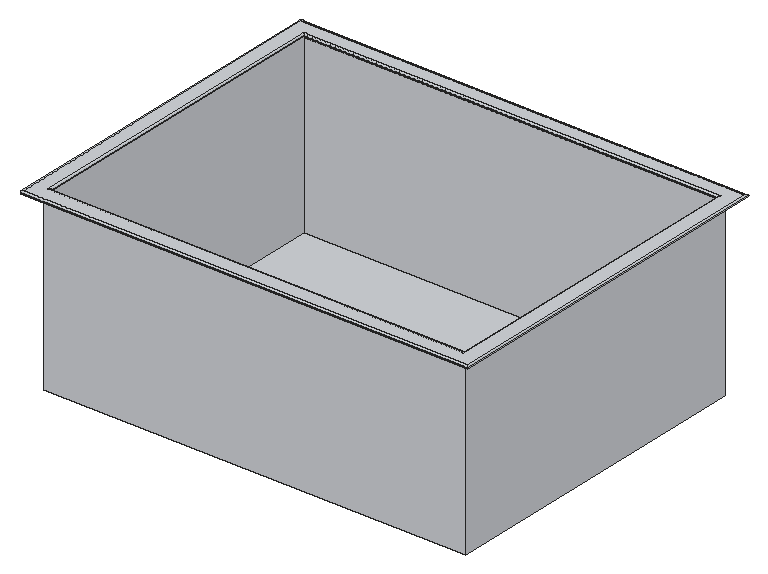
Revit family "Sink-Undermount-Kitchen-STERLING-Ludington-K-32029_1", category Plumbing Fixtures, host Face, Revit 2022
Family settings
  Host = Face
  Round Connector Dimension = Use Diameter
  Part Type = Normal
  OmniClass Number = 23.31.13.00
  OmniClass Title = Sinks
  Cut with Voids When Loaded = No
  Maintain Annotation Orientation = No
  Shared = No
  Room Calculation Point = No
Parameters (values of type "NA-Stainless")
  Width = 17.99213"  # constant formula
  WaterSense Certified = 1 = 0  # no
  Waste Water Outlet = "Waste Water Outlet"  # constant formula
  Waste Connection = 1 = 1  # yes
  Vent Connection = 1 = 0  # no
  URL = "https://www.sterlingplumbing.com/\r\nhttps://www.sterlingplumbing.com/"
  Type = 1
  Product Page URL = "http://www.sterlingplumbing.com/detail?productNumber=32029"
  Product Name = "Ludington"  # constant formula
  Product Documentation Link = "https://resources.kohler.com/plumbing/sterling/pdf/32029_spec_US-CA_Sterling_en.pdf"
  Model = "32029-NA"  # constant formula
  Material = "Stainless Steel"  # constant formula
  Master Format 2014 Name = "Residential Lavatories and Sinks"  # constant formula
  Master Format 2014 = "22 41 16"  # constant formula
  Manufacturer Address = "444 Highland Dr, Kohler, WI 53044"  # constant formula
  Manufacturer = "Sterling Co."  # constant formula
  Length = 22.99213"  # constant formula
  Hot Water Inlet = "Hot Water Inlet"  # constant formula
  Height = 9.37008"  # constant formula
  HW Connection = 1 = 0  # no
  Finish = Sterling-Metal-NA-Stainless
  Environmental Product Declaration = ""
  Drain Included = 1 = 0  # no
  Description = "23X18X9"  # constant formula
  Default Elevation = 36"
  Declare Label = ""
  Date Modified = "06/27/2022"  # constant formula
  Date Created = "06/27/2022"  # constant formula
  Copyright = "Copyright Sterling Co."  # constant formula
  Contact Us = "https://www.sterlingplumbing.com/contact-us"
  Cold Water Inlet = "Cold Water Inlet"  # constant formula
  CW Connection = 1 = 0  # no
  Assembly Code = "D2010400"
  ADA Compliant = 1 = 0  # no
Reference planes (in)
  plane 1 "Center (Front/Back)": y = 0
  plane 2: z = 0
  plane 3 "Center (Left/Right)": x = 0
  plane 4: x = -11.5
  plane 5: x = 11.49213
  plane 6: y = 9
  plane 7: y = -8.99213
  plane 8: x = -10.62598
  plane 9: x = 10.62598
  plane 10: y = 8.12598
  plane 11: y = -8.12598
  plane 12: x = -1.8622
  plane 13: x = 1.8622
  plane 14: z = -1
  plane 15: z = -13.04301
  plane 16: z = -10.37008
  plane 17: z = -1.29134
Forms (in)
  Extrusion 1, void
    sketch origin (0, 0, 0) x (1, 0, 0) y (0, 1, 0)
      loop
        line (-10.62598, 8.12598) -> (-10.62598, -8.12598) -> (10.62598, -8.12598) -> (10.62598, 8.12598) -> (-10.62598, 8.12598)
    from -1.29134 to 3.76584
  Extrusion 2, void
    sketch origin (0, 0, 0) x (1, 0, 0) y (0, 1, 0)
      loop
        line (-11.5, -8.99213) -> (11.49213, -8.99213) -> (11.49213, 9) -> (-11.5, 9) -> (-11.5, -8.99213)
    from -1 to -13.04301
Dimensions and locks (in)
  locked: level to plane 14 at 1
  "Height": plane 14 to plane 16
  locked: plane 14 to plane 15 at 12.04301
  "Length": plane 4 to plane 5
  "Width": plane 6 to plane 7
  aligned and locked: plane 2 to host face
  aligned and locked: level to host face
  aligned and locked: plane 15 to Extrusion 2
  aligned and locked: plane 3 "Center (Left/Right)" to nested 1
  aligned and locked: plane 1 "Center (Front/Back)" to nested 1
  aligned and locked: plane 14 to nested 1
Automatic sketch dimensions
  host sketch curve to host sketch curve = 96"  (x2)
  Extrusion 1 sketch curve to plane 8 = 0"
  Extrusion 1 sketch curve to plane 9 = 0"
  plane 11 to Extrusion 1 sketch curve = 0"
  plane 10 to Extrusion 1 sketch curve = 0"
  Extrusion 2 sketch curve to plane 4 = 0"
  Extrusion 2 sketch curve to plane 5 = 0"
  Extrusion 2 sketch curve to plane 6 = 0"
  Extrusion 2 sketch curve to plane 7 = 0"
Nested families (in)
  nested 1: "32029" at (0, 0, -13.03937), type "32029"
Connectors (in)
  piping at (0, 0, -13.03937), diameter 1.25197, driven by "Waste Connection", driven by "Waste Water Outlet"
    settings: on nested 1, index 1, connector inside diameter 24", connector length 0", flow factor 0, pipe flow 0 GPM, pressure drop 0.00 psi, fitting loss kfactor 0, connector angle 0.00°, fixture units 0, engagement length 0", angle of deflection 0.00°, flow configuration 0, flow direction 2, fitting loss method 0, system type 16, joint type 0, gender type 0, connector reference index -1, connector utility 1, adjustable connector no, is connector primary yes, connector description "Waste Water Outlet"
Definition of nested family "32029"
  Parameters (values of type "32029")
    Material = none
    Default Elevation = 0"
  Reference planes (in)
    plane 1 "Center (Front/Back)": y = 0
    plane 2: z = 0
    plane 3 "Center (Left/Right)": x = 0
    plane 4 "1": z = 2.66142
    plane 5: y = 9
    plane 6: y = -9
    plane 7: x = -11.5
    plane 8: x = 11.5
    plane 9: x = -10.62598
    plane 10: y = 8.12598
    plane 11: y = -8.12598
    plane 12: x = 10.62598
    plane 13 "2": z = 12.03937
    plane 14: z = 11.74803
    plane 15: x = 1.8622
    plane 16: x = -1.8622
    plane 17: y = 1.8622
    plane 18: y = -1.8622
  Forms (in)
    Revolve 1, solid, material <- "Material", detail levels medium+fine
      sketch origin (0, 0, 0) x (1, 0, 0) y (0, 0, 1)
        loop
          line (1.8622, 2.66142) -> (2.21621, 2.77644)
          arc (2.21621, 2.77644) -> (2.26483, 2.79603) -> (2.3103, 2.8221) r 0.38108
          line (2.3103, 2.8221) -> (2.3103, 2.90347) -> (2.25247, 2.90347)
          arc (2.25247, 2.90347) -> (2.22529, 2.90133) -> (2.19878, 2.89497) r 0.17374
          line (2.19878, 2.89497) -> (1.79944, 2.76521)
          arc (1.79944, 2.76521) -> (1.75939, 2.73612) -> (1.74409, 2.68904) r 0.08009
          line (1.74409, 2.68904) -> (1.74409, 1.81205) -> (0, 1.81205) -> (0, 1.67222) -> (1.74409, 1.67222) -> (1.74409, 1.57165)
          arc (1.74409, 1.57165) -> (1.73892, 1.54839) -> (1.72438, 1.5295) r 0.05492
          arc (1.72438, 1.5295) -> (1.55348, 1.46255) -> (1.37849, 1.40716) r 2.74579
          arc (1.37849, 1.40716) -> (1.11599, 1.22853) -> (1.01477, 0.92758) r 0.49804
          line (1.01477, 0.92758) -> (1.01477, 0.66179) -> (1.08586, 0.44009) -> (1.07166, 0.1692) -> (1.02057, 0.11811) -> (0.85088, 0.11811) -> (0.85088, 0.2966) -> (0.66676, 0.2966) -> (0.5663, 0.2966) -> (0.5663, 0.19248) -> (0.66676, 0.19248) -> (0.66676, 0) -> (1.02057, 0)
          arc (1.02057, 0) -> (1.11457, 0.03894) -> (1.15351, 0.13294) r 0.13294
          line (1.15351, 0.13294) -> (1.15351, 0.17058) -> (1.19, 0.17058) -> (1.2038, 0.43391) -> (1.16912, 0.43391) -> (1.16912, 0.49058) -> (1.1005, 0.49058)
          arc (1.1005, 0.49058) -> (1.11779, 0.50439) -> (1.10919, 0.52478) r 0.01833
          line (1.10919, 0.52478) -> (1.06968, 0.54759) -> (1.1139, 0.57312)
          arc (1.1139, 0.57312) -> (1.12154, 0.58634) -> (1.1139, 0.59956) r 0.01527
          line (1.1139, 0.59956) -> (1.0695, 0.62519) -> (1.13288, 0.66179) -> (1.13288, 0.92758)
          arc (1.13288, 0.92758) -> (1.21009, 1.15716) -> (1.41034, 1.29343) r 0.37993
          arc (1.41034, 1.29343) -> (1.59875, 1.35329) -> (1.78259, 1.426) r 2.8639
          arc (1.78259, 1.426) -> (1.841, 1.48866) -> (1.8622, 1.57165) r 0.17303
          line (1.8622, 1.57165) -> (1.8622, 2.66142)
        axis (0, 2.90347) -> (0, 0)
      angle from 0 to 360
    Extrusion 2, solid, material <- "Material", detail levels medium+fine
      sketch origin (0, 0, 0) x (1, 0, 0) y (0, 1, 0)
        loop
          line (0.61524, 0.11085) -> (0.41838, 0.11085)
          arc (0.41838, 0.11085) -> (0.36124, 0.12974) -> (0.32662, 0.17897) r 0.09587
          arc (0.32662, 0.17897) -> (0.27686, 0.26461) -> (0.19397, 0.3188) r 0.21471
          arc (0.19397, 0.3188) -> (0.1342, 0.36184) -> (0.10613, 0.42994) r 0.13426
          line (0.10613, 0.42994) -> (0.10613, 0.58948)
          arc (0.10613, 0.58948) -> (0.11478, 0.64241) -> (0.13984, 0.68983) r 0.16618
          arc (0.13984, 0.68983) -> (0, 0.70388) -> (-0.13984, 0.68983) r 0.703
          arc (-0.13984, 0.68983) -> (-0.11478, 0.64241) -> (-0.10613, 0.58948) r 0.16618
          line (-0.10613, 0.58948) -> (-0.10613, 0.42994)
          arc (-0.10613, 0.42994) -> (-0.1342, 0.36184) -> (-0.19397, 0.3188) r 0.13426
          arc (-0.19397, 0.3188) -> (-0.27686, 0.26461) -> (-0.32662, 0.17897) r 0.21471
          arc (-0.32662, 0.17897) -> (-0.36124, 0.12974) -> (-0.41838, 0.11085) r 0.09587
          line (-0.41838, 0.11085) -> (-0.61524, 0.11085)
          arc (-0.61524, 0.11085) -> (-0.6556, 0.12017) -> (-0.68781, 0.14623) r 0.09212
          arc (-0.68781, 0.14623) -> (-0.703, 0.00088) -> (-0.68781, -0.14448) r 0.703
          arc (-0.68781, -0.14448) -> (-0.6556, -0.11842) -> (-0.61524, -0.1091) r 0.09212
          line (-0.61524, -0.1091) -> (-0.41838, -0.1091)
          arc (-0.41838, -0.1091) -> (-0.36124, -0.12799) -> (-0.32662, -0.17722) r 0.09587
          arc (-0.32662, -0.17722) -> (-0.27686, -0.26286) -> (-0.19397, -0.31705) r 0.21471
          arc (-0.19397, -0.31705) -> (-0.1342, -0.36009) -> (-0.10613, -0.42819) r 0.13426
          line (-0.10613, -0.42819) -> (-0.10613, -0.58773)
          arc (-0.10613, -0.58773) -> (-0.11478, -0.64066) -> (-0.13984, -0.68808) r 0.16618
          arc (-0.13984, -0.68808) -> (0, -0.70213) -> (0.13984, -0.68808) r 0.703
          arc (0.13984, -0.68808) -> (0.11478, -0.64066) -> (0.10613, -0.58773) r 0.16618
          line (0.10613, -0.58773) -> (0.10613, -0.42819)
          arc (0.10613, -0.42819) -> (0.1342, -0.36009) -> (0.19397, -0.31705) r 0.13426
          arc (0.19397, -0.31705) -> (0.27686, -0.26286) -> (0.32662, -0.17722) r 0.21471
          arc (0.32662, -0.17722) -> (0.36124, -0.12799) -> (0.41838, -0.1091) r 0.09587
          line (0.41838, -0.1091) -> (0.61524, -0.1091)
          arc (0.61524, -0.1091) -> (0.6556, -0.11842) -> (0.68781, -0.14448) r 0.09212
          arc (0.68781, -0.14448) -> (0.703, 0.00088) -> (0.68781, 0.14623) r 0.703
          arc (0.68781, 0.14623) -> (0.6556, 0.12017) -> (0.61524, 0.11085) r 0.09212
        loop
          circle (0, 0.00088) r 0.24224
      from 0.17058 to 0.2966
    Extrusion 3, solid, material <- "Material", detail levels medium+fine
      sketch origin (0, 0, 0) x (1, 0, 0) y (0, 1, 0)
        loop
          line (-10.62598, 8.12598) -> (-10.62598, -8.12598) -> (10.62598, -8.12598) -> (10.62598, 8.12598) -> (-10.62598, 8.12598)
        loop
          line (-10.82283, 8.32283) -> (-10.82283, -8.32283) -> (10.82283, -8.32283) -> (10.82283, 8.32283) -> (-10.82283, 8.32283)
      from 2.90347 to 11.90591
    Extrusion 4, void
      sketch origin (0, 0, 0) x (1, 0, 0) y (0, 1, 0)
        loop
          circle (-0.28505, 1.24976) r 0.095
        loop
          circle (0.00004, 1.28187) r 0.095
        loop
          circle (0.28509, 1.24975) r 0.095
        loop
          circle (0.55584, 1.155) r 0.095
        loop
          circle (0.79872, 1.00238) r 0.095
        loop
          circle (1.00155, 0.79954) r 0.095
        loop
          circle (1.15415, 0.55665) r 0.095
        loop
          circle (1.24889, 0.2859) r 0.095
        loop
          circle (1.281, 0.00085) r 0.095
        loop
          circle (1.24888, -0.28419) r 0.095
        loop
          circle (1.15413, -0.55494) r 0.095
        loop
          circle (1.00152, -0.79783) r 0.095
        loop
          circle (0.79868, -1.00066) r 0.095
        loop
          circle (0.5558, -1.15327) r 0.095
        loop
          circle (0.28505, -1.24801) r 0.095
        loop
          circle (-0.00004, -1.28012) r 0.095
        loop
          circle (-0.28509, -1.248) r 0.095
        loop
          circle (-0.55584, -1.15325) r 0.095
        loop
          circle (-0.79872, -1.00063) r 0.095
        loop
          circle (-1.00155, -0.79779) r 0.095
        loop
          circle (-1.15415, -0.5549) r 0.095
        loop
          circle (-1.24889, -0.28415) r 0.095
        loop
          circle (-1.281, 0.0009) r 0.095
        loop
          circle (-1.24888, 0.28594) r 0.095
        loop
          circle (-1.15413, 0.55669) r 0.095
        loop
          circle (-1.00152, 0.79958) r 0.095
        loop
          circle (-0.79868, 1.00241) r 0.095
        loop
          circle (-0.5558, 1.15502) r 0.095
        loop
          circle (-0.29449, 0.90723) r 0.095
        loop
          circle (0, 0.95388) r 0.095
        loop
          circle (0.29449, 0.90723) r 0.095
        loop
          circle (0.56016, 0.77187) r 0.095
        loop
          circle (-0.56016, 0.77187) r 0.095
        loop
          circle (-0.77099, 0.56103) r 0.095
        loop
          circle (-0.90636, 0.29537) r 0.095
        loop
          circle (-0.953, 0.00088) r 0.095
        loop
          circle (-0.90636, -0.29362) r 0.095
        loop
          circle (-0.77099, -0.55928) r 0.095
        loop
          circle (-0.56016, -0.77012) r 0.095
        loop
          circle (-0.29449, -0.90548) r 0.095
        loop
          circle (0, -0.95212) r 0.095
        loop
          circle (0.29449, -0.90548) r 0.095
        loop
          circle (0.56016, -0.77012) r 0.095
        loop
          circle (0.77099, -0.55928) r 0.095
        loop
          circle (0.90636, -0.29362) r 0.095
        loop
          circle (0.953, 0.00088) r 0.095
        loop
          circle (0.90636, 0.29537) r 0.095
        loop
          circle (0.77099, 0.56103) r 0.095
        loop
          circle (0.3125, 0.54214) r 0.095
        loop
          circle (0.54127, 0.31338) r 0.095
        loop
          circle (0, 0.62588) r 0.095
        loop
          circle (-0.3125, 0.54214) r 0.095
        loop
          circle (-0.54127, 0.31338) r 0.095
        loop
          circle (-0.625, 0.00088) r 0.095
        loop
          circle (-0.54127, -0.31162) r 0.095
        loop
          circle (-0.3125, -0.54039) r 0.095
        loop
          circle (0, -0.62412) r 0.095
        loop
          circle (0.3125, -0.54039) r 0.095
        loop
          circle (0.54127, -0.31162) r 0.095
        loop
          circle (0.625, 0.00088) r 0.095
      from 1.5295 to 2.33966
    Revolve 5, solid, material <- "Material", detail levels medium+fine
      sketch origin (0, 0, 0) x (0, 1, 0) y (0, 0, 1)
        loop
          line (0, 1.80287) -> (0, 3.01626)
          arc (0, 3.01626) -> (-0.13916, 2.99842) -> (-0.27488, 2.96283) r 1.08842
          arc (-0.27488, 2.96283) -> (-0.30947, 2.9144) -> (-0.27397, 2.86663) r 0.05054
          line (-0.27397, 2.86663) -> (-0.14435, 2.86663) -> (-0.14435, 2.66978) -> (-0.1763, 2.66978) -> (-0.1763, 2.21063) -> (-0.23118, 2.21063)
          arc (-0.23118, 2.21063) -> (-0.26031, 2.20159) -> (-0.27922, 2.17766) r 0.05148
          line (-0.27922, 2.17766) -> (-0.27922, 2.02225) -> (-0.2227, 2.02225) -> (-0.2227, 1.95349) -> (-0.15018, 1.95349) -> (-0.15018, 1.81692) -> (0, 1.80287)
        axis (0, 1.80287) -> (0, 3.01626)
      angle from 0 to 360
    Revolve 6, solid, material <- "Material", detail levels medium+fine
      sketch origin (0, 0, 0) x (1, 0, 0) y (0, 0, 1)
        loop
          line (1.78315, 2.61587) -> (1.78315, 2.49087) -> (2.25, 2.49087) -> (2.25, 2.61587) -> (1.78315, 2.61587)
        axis (0, 2.49087) -> (0, 2.61587)
      angle from 0 to 360
    Revolve 7, solid, material <- "Material", detail levels medium+fine
      sketch origin (0, 0, 0) x (1, 0, 0) y (0, 0, 1)
        loop
          line (1.7817, 2.38587) -> (1.7817, 2.26587) -> (2.25, 2.26587) -> (2.25, 2.38587) -> (1.7817, 2.38587)
        axis (0, 2.38587) -> (0, 2.26587)
      angle from 0 to 360
    Revolve 8, solid, material <- "Material", detail levels medium+fine
      sketch origin (0, 0, 0) x (1, 0, 0) y (0, 0, 1)
        loop
          line (1.8622, 2.11828) -> (1.8622, 1.81205) -> (2.29081, 1.81205) -> (2.24927, 2.04767)
          arc (2.24927, 2.04767) -> (2.22004, 2.09829) -> (2.16511, 2.11828) r 0.08545
          line (2.16511, 2.11828) -> (1.8622, 2.11828)
        axis (0, 2.11828) -> (0, 1.81205)
      angle from 0 to 360
    Revolve 9, solid, material <- "Material", detail levels medium+fine
      sketch origin (-0.98679, 1.70078, -0.00004) x (0, -1, 0) y (0, 0, 1)
        loop
          line (0, 1.27214) -> (0.15602, 1.27214)
          arc (0.15602, 1.27214) -> (0.2147, 1.29645) -> (0.23901, 1.35513) r 0.08299
          line (0.23901, 1.35513) -> (0.23901, 1.44089) -> (0.12133, 1.44089) -> (0.12133, 2.16313) -> (0.09401, 2.19045) -> (0, 2.19045) -> (0, 1.81205) -> (0, 1.27214)
        axis (0, 1.27214) -> (0, 2.19045)
      angle from 0 to 360
    Revolve 10, solid, material <- "Material", detail levels medium+fine
      sketch origin (-1.9532, -1.69903, 0.00129) x (1, 0, 0) y (0, 0, 1)
        loop
          line (0.97632, 1.27191) -> (1.13383, 1.27191)
          arc (1.13383, 1.27191) -> (1.19361, 1.29667) -> (1.21837, 1.35645) r 0.08455
          line (1.21837, 1.35645) -> (1.21837, 1.44082) -> (1.09976, 1.44082) -> (1.09976, 2.16311) -> (1.07184, 2.19102) -> (0.97632, 2.19102) -> (0.97632, 1.27191)
        axis (0.97632, 1.27191) -> (0.97632, 2.19102)
      angle from 0 to 360
    Revolve 11, solid, material <- "Material", detail levels medium+fine
      sketch origin (0.97826, -0.00183, -0.00272) x (-1, 0, 0) y (0, 0, 1)
        loop
          line (-0.97632, 1.27197) -> (-0.97632, 2.19099) -> (-1.07225, 2.19099) -> (-1.10007, 2.16316) -> (-1.10007, 1.44092) -> (-1.2188, 1.44092) -> (-1.2188, 1.35857)
          arc (-1.2188, 1.35857) -> (-1.19343, 1.29733) -> (-1.1322, 1.27197) r 0.0866
          line (-1.1322, 1.27197) -> (-0.97632, 1.27197)
        axis (-0.97632, 1.27197) -> (-0.97632, 2.19099)
      angle from 0 to 360
    Extrusion 12, solid, material <- "Material", detail levels medium+fine
      sketch origin (0, 0, 0) x (1, 0, 0) y (0, 1, 0)
        loop
          circle (0, -0.14435) r 0.7874
      from 0.43391 to 0.62519
    Extrusion 13, solid, material <- "Material", detail levels coarse
      sketch origin (0, 0, 0) x (1, 0, 0) y (0, 1, 0)
        loop
          line (-11.5, 9) -> (-11.5, -9) -> (11.5, -9) -> (11.5, 9) -> (-11.5, 9)
        loop
          line (10.62598, -8.12598) -> (10.62598, 8.12598) -> (-10.62598, 8.12598) -> (-10.62598, -8.12598) -> (10.62598, -8.12598)
      from 11.90591 to 12.03937
    Extrusion 14, solid, material <- "Material", detail levels coarse
      sketch origin (0, 0, 0) x (1, 0, 0) y (0, 1, 0)
        loop
          line (10.62598, -8.12598) -> (10.62598, 8.12598) -> (-10.62598, 8.12598) -> (-10.62598, -8.12598) -> (10.62598, -8.12598)
      from 2.90347 to 3.13095
    Extrusion 15, solid, material <- "Material", detail levels coarse
      sketch origin (0, 0, 0) x (1, 0, 0) y (0, 1, 0)
        loop
          line (-10.62598, 8.12598) -> (-10.62598, -8.12598) -> (10.62598, -8.12598) -> (10.62598, 8.12598) -> (-10.62598, 8.12598)
        loop
          line (-10.82283, 8.32283) -> (-10.82283, -8.32283) -> (10.82283, -8.32283) -> (10.82283, 8.32283) -> (-10.82283, 8.32283)
      from 2.90347 to 11.90591
    Sweep 16, solid, material <- "Material", detail levels medium+fine
      path origin (0, 0, 12.03937) x (-1, 0, 0) y (0, -1, 0)
        loop
          line (10.62598, -8.12598) -> (10.62598, 8.12598) -> (-10.62598, 8.12598) -> (-10.62598, -8.12598) -> (10.62598, -8.12598)
      profile origin (0, 8.12598, 12.03937) x (0, 1, 0) y (0, 0, 1)
        loop
          line (0.78756, 0) -> (0.08661, 0)
          arc (0.08661, 0) -> (0.02537, -0.02537) -> (0, -0.08661) r 0.08661
          line (0, -0.08661) -> (0, -0.13346) -> (0.87402, -0.13346) -> (0.87402, -0.08646)
          arc (0.87402, -0.08646) -> (0.84869, -0.02532) -> (0.78756, 0) r 0.08646
    Extrusion 17, solid, material <- "Material", detail levels medium+fine
      sketch origin (0, 0, 2.90347) x (0, 1, 0) y (1, 0, 0)
        loop
          line (8.32283, 10.82283) -> (-8.32283, 10.82283) -> (-8.32283, -10.82283) -> (8.32283, -10.82283) -> (8.32283, 10.82283)
        loop
          circle (0, 0) r 2.3103
      from 0 to 0.08137
    Revolve 18, solid, material <- "Material", detail levels coarse
      sketch origin (0, 0, 0) x (1, 0, 0) y (0, 0, 1)
        loop
          line (0, 2.8169) -> (-1.88475, 2.8169) -> (-1.88475, 1.54583) -> (-1.2038, 0.86488) -> (-1.2038, 0.01095) -> (0, 0.01095) -> (0, 2.8169)
        axis (0, 2.8169) -> (0, 0.01095)
      angle from 0 to 360
  Cuts and joins
    Extrusion 4 cuts Revolve 1
    Extrusion 4 cuts Extrusion 2
    joined: Extrusion 3, Extrusion 17
  Lines and regions (in)
    Masking region 1
      outline origin (0, 0, 0) x (1, 0, 0) y (0, 1, 0)
        loop
          line (11.30315, 9) -> (0, 9) -> (-11.30315, 9)
          arc (-11.30315, 9) -> (-11.44234, 8.94234) -> (-11.5, 8.80315) r 0.19685
          line (-11.5, 8.80315) -> (-11.5, -8.80315)
          arc (-11.5, -8.80315) -> (-11.44234, -8.94234) -> (-11.30315, -9) r 0.19685
          line (-11.30315, -9) -> (0, -9) -> (11.30315, -9)
          arc (11.30315, -9) -> (11.44234, -8.94234) -> (11.5, -8.80315) r 0.19685
          line (11.5, -8.80315) -> (11.5, 8.80315)
          arc (11.5, 8.80315) -> (11.44234, 8.94234) -> (11.30315, 9) r 0.19685
    Masking region 2
      outline origin (0, -1.6923, 0) x (-1, 0, 0) y (0, 0, 1)
        loop
          line (11.5, 12.03937) -> (-0.05512, 12.03937) -> (-11.5, 12.03937) -> (-11.5, 11.74803) -> (-10.62598, 11.74803) -> (-10.62598, 3.11445) -> (-2.3406, 2.86575)
          arc (-2.3406, 2.86575) -> (-2.26872, 2.7992) -> (-2.17737, 2.76382) r 0.26116
          line (-2.17737, 2.76382) -> (-1.78367, 2.76382) -> (-1.78367, 2.61584) -> (-2.25013, 2.61584) -> (-2.25013, 2.49083) -> (-1.78367, 2.49083) -> (-1.78367, 2.38584) -> (-2.24996, 2.38584) -> (-2.24996, 2.26578) -> (-1.78367, 2.26578) -> (-1.78367, 2.19102) -> (-2.04735, 2.19102) -> (-2.07833, 2.16005) -> (-2.07833, 2.11828) -> (-2.16445, 2.11828)
          arc (-2.16445, 2.11828) -> (-2.21988, 2.0981) -> (-2.24938, 2.04701) r 0.08624
          line (-2.24938, 2.04701) -> (-2.29081, 1.81205) -> (-2.05584, 1.81205) -> (-2.05584, 1.43774) -> (-2.19696, 1.43774) -> (-2.19696, 1.35577)
          arc (-2.19696, 1.35577) -> (-2.17243, 1.29655) -> (-2.1132, 1.27201) r 0.08376
          line (-2.1132, 1.27201) -> (-1.79322, 1.27201)
          arc (-1.79322, 1.27201) -> (-1.73422, 1.29645) -> (-1.70978, 1.35546) r 0.08344
          line (-1.70978, 1.35546) -> (-1.70978, 1.395)
          arc (-1.70978, 1.395) -> (-1.60584, 1.35699) -> (-1.50081, 1.32213) r 3.65534
          arc (-1.50081, 1.32213) -> (-1.39715, 1.28356) -> (-1.29797, 1.23462) r 1.08446
          arc (-1.29797, 1.23462) -> (-1.1772, 1.11642) -> (-1.13288, 0.95335) r 0.32217
          line (-1.13288, 0.95335) -> (-1.13288, 0.66179) -> (-1.0695, 0.62519) -> (-1.11286, 0.60016)
          arc (-1.11286, 0.60016) -> (-1.12081, 0.5864) -> (-1.11286, 0.57263) r 0.01589
          line (-1.11286, 0.57263) -> (-1.06947, 0.54759) -> (-1.10905, 0.52473)
          arc (-1.10905, 0.52473) -> (-1.11766, 0.50443) -> (-1.1005, 0.49058) r 0.01831
          line (-1.1005, 0.49058) -> (-1.16912, 0.49058) -> (-1.16912, 0.43391) -> (-1.2038, 0.43391) -> (-1.19, 0.17058) -> (-1.15351, 0.17058)
          arc (-1.15351, 0.17058) -> (-1.12701, 0.05081) -> (-1.01538, 0) r 0.13732
          line (-1.01538, 0) -> (0, 0) -> (1.01538, 0)
          arc (1.01538, 0) -> (1.12701, 0.05081) -> (1.15351, 0.17058) r 0.13732
          line (1.15351, 0.17058) -> (1.19, 0.17058) -> (1.2038, 0.43391) -> (1.16912, 0.43391) -> (1.16912, 0.49058) -> (1.1005, 0.49058)
          arc (1.1005, 0.49058) -> (1.11766, 0.50443) -> (1.10905, 0.52473) r 0.01831
          line (1.10905, 0.52473) -> (1.06947, 0.54759) -> (1.11286, 0.57263)
          arc (1.11286, 0.57263) -> (1.12081, 0.5864) -> (1.11286, 0.60016) r 0.01589
          line (1.11286, 0.60016) -> (1.0695, 0.62519) -> (1.13288, 0.66179) -> (1.13288, 0.95335)
          arc (1.13288, 0.95335) -> (1.1772, 1.11642) -> (1.29797, 1.23462) r 0.32217
          arc (1.29797, 1.23462) -> (1.39715, 1.28356) -> (1.50081, 1.32213) r 1.08446
          arc (1.50081, 1.32213) -> (1.546, 1.3367) -> (1.591, 1.35185) r 3.65534
          arc (1.591, 1.35185) -> (1.73056, 1.456) -> (1.78367, 1.62184) r 0.28552
          line (1.78367, 1.62184) -> (1.78367, 1.81205) -> (2.29081, 1.81205) -> (2.26383, 2.01428)
          arc (2.26383, 2.01428) -> (2.22398, 2.0886) -> (2.14504, 2.11828) r 0.11984
          line (2.14504, 2.11828) -> (1.78367, 2.11828) -> (1.78367, 2.19102) -> (1.78367, 2.26578) -> (2.24996, 2.26578) -> (2.24996, 2.38584) -> (1.78367, 2.38584) -> (1.78367, 2.49083) -> (2.25013, 2.49083) -> (2.25013, 2.61584) -> (1.78367, 2.61584) -> (1.78367, 2.76382) -> (2.17737, 2.76382)
          arc (2.17737, 2.76382) -> (2.26872, 2.7992) -> (2.3406, 2.86575) r 0.26116
          line (2.3406, 2.86575) -> (10.62598, 3.11445) -> (10.62598, 11.74803) -> (11.5, 11.74803) -> (11.5, 12.03937)
    Masking region 3
      outline origin (0.97632, 0, 0) x (0, -1, 0) y (0, 0, 1)
        loop
          line (-9, 12.03937) -> (-9, 11.74803) -> (-8.12598, 11.74803) -> (-8.12598, 3.12064) -> (-2.35144, 2.87734) -> (-2.30596, 2.81239) -> (-2.17737, 2.76382) -> (-1.78367, 2.76382) -> (-1.78367, 2.61588) -> (-2.24964, 2.61588) -> (-2.24964, 2.49072) -> (-1.78381, 2.49072) -> (-1.78381, 2.38587) -> (-2.24964, 2.38587) -> (-2.24964, 2.26585) -> (-1.78381, 2.26585) -> (-1.78381, 2.11828) -> (-2.16737, 2.11828)
          arc (-2.16737, 2.11828) -> (-2.22124, 2.09867) -> (-2.2499, 2.04902) r 0.08381
          line (-2.2499, 2.04902) -> (-2.29176, 1.81161) -> (-1.82687, 1.81161) -> (-1.82687, 1.44089) -> (-1.943, 1.44089) -> (-1.943, 1.35188)
          arc (-1.943, 1.35188) -> (-1.91941, 1.29495) -> (-1.86248, 1.27137) r 0.08052
          line (-1.86248, 1.27137) -> (-1.51854, 1.27137)
          arc (-1.51854, 1.27137) -> (-1.48037, 1.28019) -> (-1.44995, 1.30486) r 0.08698
          arc (-1.44995, 1.30486) -> (-1.35266, 1.26771) -> (-1.26311, 1.21453) r 0.60965
          arc (-1.26311, 1.21453) -> (-1.16735, 1.10358) -> (-1.13288, 0.96112) r 0.31166
          line (-1.13288, 0.96112) -> (-1.13288, 0.66179) -> (-1.0695, 0.62519) -> (-1.11067, 0.60142)
          arc (-1.11067, 0.60142) -> (-1.11938, 0.58634) -> (-1.11067, 0.57125) r 0.01742
          line (-1.11067, 0.57125) -> (-1.06968, 0.54759) -> (-1.10996, 0.52433)
          arc (-1.10996, 0.52433) -> (-1.11833, 0.50379) -> (-1.1005, 0.49058) r 0.01809
          line (-1.1005, 0.49058) -> (-1.16912, 0.49058) -> (-1.16912, 0.43391) -> (-1.2038, 0.43391) -> (-1.19, 0.17058) -> (-1.15351, 0.17058)
          arc (-1.15351, 0.17058) -> (-1.12704, 0.05079) -> (-1.01538, 0) r 0.13727
          line (-1.01538, 0) -> (0, 0) -> (1.01538, 0)
          arc (1.01538, 0) -> (1.12704, 0.05079) -> (1.15351, 0.17058) r 0.13727
          line (1.15351, 0.17058) -> (1.19, 0.17058) -> (1.2038, 0.43391) -> (1.16912, 0.43391) -> (1.16912, 0.49058) -> (1.1005, 0.49058)
          arc (1.1005, 0.49058) -> (1.11833, 0.50379) -> (1.10996, 0.52433) r 0.01809
          line (1.10996, 0.52433) -> (1.06968, 0.54759) -> (1.11067, 0.57125)
          arc (1.11067, 0.57125) -> (1.11938, 0.58634) -> (1.11067, 0.60142) r 0.01742
          line (1.11067, 0.60142) -> (1.0695, 0.62519) -> (1.13288, 0.66179) -> (1.13288, 0.96112)
          arc (1.13288, 0.96112) -> (1.16735, 1.10358) -> (1.26311, 1.21453) r 0.31166
          arc (1.26311, 1.21453) -> (1.35266, 1.26771) -> (1.44995, 1.30486) r 0.60965
          arc (1.44995, 1.30486) -> (1.48037, 1.28019) -> (1.51854, 1.27137) r 0.08698
          line (1.51854, 1.27137) -> (1.83172, 1.27137)
          arc (1.83172, 1.27137) -> (1.88866, 1.29495) -> (1.91224, 1.35188) r 0.08052
          line (1.91224, 1.35188) -> (1.91224, 1.44089) -> (1.82072, 1.44089) -> (1.82072, 1.81161) -> (2.29176, 1.81161) -> (2.2499, 2.04902)
          arc (2.2499, 2.04902) -> (2.22124, 2.09867) -> (2.16737, 2.11828) r 0.08381
          line (2.16737, 2.11828) -> (1.78381, 2.11828) -> (1.78381, 2.26585) -> (2.24964, 2.26585) -> (2.24964, 2.38587) -> (1.78381, 2.38587) -> (1.78381, 2.49072) -> (2.24964, 2.49072) -> (2.24964, 2.61588) -> (1.78367, 2.61588) -> (1.78367, 2.76382) -> (2.17737, 2.76382) -> (2.30596, 2.81239) -> (2.35144, 2.87734) -> (8.12598, 3.12429) -> (8.12598, 11.74803) -> (9, 11.74803) -> (9, 12.03937) -> (-9, 12.03937)
    symbolic lines, detail levels medium+fine
      curve 1: circle (0, 0, 0) r 2.36727 normal (0, 0, 1)
      curve 2: circle (0, 0, 0) r 2.3103 normal (0, 0, 1)
      curve 4: circle (0, 0, 0) r 1.77165 normal (0, 0, 1)
      curve 5: circle (0, 0, 0) r 1.5748 normal (0, 0, 1)
      curve 6: circle (0, 0, 0) r 1.54635 normal (0, 0, 1)
      curve 7: circle (0, 0, 0) r 1.37795 normal (0, 0, 1)
      curve 8: circle (0, 0, 0) r 1.41427 normal (0, 0, 1)
      curve 9: circle (0, 0, 0) r 0.30801 normal (0, 0, 1)
      curve 10: circle (0, 0, 0) r 0.30108 normal (0, 0, 1)
      curve 11: line (-2.35032, -1.6923, 2.86587) -> (2.34472, -1.6923, 2.86588)
      curve 12: line (-1.78367, -1.6923, 2.76382) -> (1.78367, -1.6923, 2.76382)
      curve 13: line (-1.78367, -1.6923, 2.61584) -> (1.78367, -1.6923, 2.61584)
      curve 14: line (-1.78367, -1.6923, 2.49083) -> (1.78367, -1.6923, 2.49083)
      curve 15: line (-1.78367, -1.6923, 2.38584) -> (1.78367, -1.6923, 2.38584)
      curve 16: line (-1.8622, -1.6923, 2.26578) -> (1.8622, -1.6923, 2.26578)
      curve 17: line (-1.85631, -1.6923, 2.19102) -> (1.8622, -1.6923, 2.19102)
      curve 18: line (-2.07527, -1.6923, 1.44082) -> (-1.82839, -1.6923, 1.44082)
      curve 19: line (-1.82839, -1.6923, 1.44082) -> (-1.82839, -1.6923, 1.81205)
      curve 20: line (-1.82839, -1.6923, 2.16311) -> (-1.85631, -1.6923, 2.19102)
      curve 21: line (-0.87086, -1.6923, 2.16313) -> (-0.87086, -1.6923, 2.11828)
      curve 22: line (-0.87086, -1.6923, 1.44043) -> (-0.75368, -1.6923, 1.44043)
      curve 23: line (-0.75368, -1.6923, 1.44043) -> (-0.75368, -1.6923, 1.3531)
      curve 24: line (-0.83502, -1.6923, 1.27177) -> (-0.99218, -1.6923, 1.27177)
      curve 25: arc (-0.75368, -1.6923, 1.3531) -> (-0.77751, -1.6923, 1.29559) -> (-0.83502, -1.6923, 1.27177) r 0.08133
      curve 26: line (-1.11351, -1.6923, 2.16313) -> (-1.11351, -1.6923, 2.11828)
      curve 27: line (-1.11351, -1.6923, 1.44043) -> (-1.23069, -1.6923, 1.44043)
      curve 28: line (-1.23069, -1.6923, 1.44043) -> (-1.23069, -1.6923, 1.3531)
      curve 29: line (-1.14935, -1.6923, 1.27177) -> (-0.99218, -1.6923, 1.27177)
      curve 30: arc (-1.23069, -1.6923, 1.3531) -> (-1.20686, -1.6923, 1.29559) -> (-1.14935, -1.6923, 1.27177) r 0.08133
      curve 31: line (-1.11351, -1.6923, 2.16313) -> (-1.08562, -1.6923, 2.19102)
      curve 32: line (-0.87086, -1.6923, 2.16313) -> (-0.89875, -1.6923, 2.19102)
      curve 33: line (-1.11351, -1.6923, 1.44043) -> (-0.87086, -1.6923, 1.44043)
      curve 34: line (-1.82839, -1.6923, 1.44082) -> (-1.70978, -1.6923, 1.44082)
      curve 35: line (-1.70978, -1.6923, 1.44082) -> (-1.70978, -1.6923, 1.39488)
      curve 36: line (-2.07527, -1.6923, 1.81205) -> (1.8622, -1.6923, 1.81205)
      curve 37: line (-1.13288, -1.6923, 0.66179) -> (1.13288, -1.6923, 0.66179)
      curve 38: line (-1.0695, -1.6923, 0.62519) -> (1.0695, -1.6923, 0.62519)
      curve 39: line (-1.06947, -1.6923, 0.54759) -> (1.06968, -1.6923, 0.54759)
      curve 40: line (-1.1005, -1.6923, 0.49058) -> (1.1005, -1.6923, 0.49058)
      curve 41: line (-1.16912, -1.6923, 0.43391) -> (1.16912, -1.6923, 0.43391)
      curve 42: line (-1.15351, -1.6923, 0.17058) -> (1.15351, -1.6923, 0.17058)
      curve 43: line (-0.87086, -1.6923, 1.81205) -> (-0.87086, -1.6923, 1.44043)
      curve 44: line (-1.11351, -1.6923, 1.81205) -> (-1.11351, -1.6923, 1.44043)
      curve 45: line (-1.82839, -1.6923, 2.11828) -> (-1.82839, -1.6923, 2.16311)
      curve 46: line (-2.07527, -1.6923, 1.81205) -> (-2.07527, -1.6923, 1.44082)
      curve 47: line (0.97632, 1.15351, 0.17058) -> (0.97632, -1.15351, 0.17058)
      curve 48: line (0.97632, 1.16912, 0.43391) -> (0.97632, -1.16912, 0.43391)
      curve 49: line (0.97632, 1.1005, 0.49058) -> (0.97632, -1.1005, 0.49058)
      curve 50: line (0.97632, 1.06968, 0.54759) -> (0.97632, -1.06968, 0.54759)
      curve 51: line (0.97632, -1.0695, 0.62519) -> (0.97632, 1.0695, 0.62519)
      curve 52: line (0.97632, 1.13288, 0.66179) -> (0.97632, -1.13288, 0.66179)
      curve 53: line (0.97632, 2.35144, 2.87734) -> (0.97632, -2.37297, 2.87734)
      curve 54: line (0.97632, 1.78367, 2.76382) -> (0.97632, -1.78367, 2.76382)
      curve 55: line (0.97632, 1.78367, 2.61588) -> (0.97632, -1.78367, 2.61588)
      curve 56: line (0.97632, 1.78315, 2.49088) -> (0.97632, -1.78466, 2.49088)
      curve 57: line (0.97632, 1.78381, 2.38587) -> (0.97632, -1.78381, 2.38587)
      curve 58: line (0.97632, 1.86219, 2.26585) -> (0.97632, -1.86219, 2.26585)
      curve 59: line (0.97632, 1.8622, 2.11828) -> (0.97632, -1.86219, 2.11828)
      curve 60: line (0.97632, -1.69783, 2.19102) -> (0.97632, -1.79336, 2.19102)
      curve 61: line (0.97632, -1.79336, 2.19102) -> (0.97632, -1.82127, 2.16311)
      curve 62: line (0.97632, -1.82127, 2.16311) -> (0.97632, -1.82127, 2.11828)
      curve 63: line (0.97632, -1.85413, 1.2718) -> (0.97632, -1.69783, 1.2718)
      curve 64: line (0.97632, -1.69783, 2.19102) -> (0.97632, -1.60231, 2.19102)
      curve 65: line (0.97632, -1.60231, 2.19102) -> (0.97632, -1.5744, 2.16311)
      curve 66: line (0.97632, -1.5744, 2.16311) -> (0.97632, -1.5744, 2.11828)
      curve 67: line (0.97632, -1.5744, 1.44082) -> (0.97632, -1.45687, 1.44082)
      curve 68: line (0.97632, -1.54154, 1.2718) -> (0.97632, -1.69783, 1.2718)
      curve 69: line (0.97632, 1.86214, 1.81161) -> (0.97632, -1.86214, 1.81161)
      curve 70: line (0.97632, -1.82127, 1.44089) -> (0.97632, 1.83215, 1.44089)
      curve 71: line (0.97632, 1.44995, 1.30486) -> (0.97632, -1.44995, 1.30486)
      curve 72: line (0.97632, -1.4438, 1.44089) -> (0.97632, -1.4438, 1.3483)
      curve 73: arc (0.97632, -1.4438, 1.3483) -> (0.97632, -1.44534, 1.32637) -> (0.97632, -1.44995, 1.30486) r 0.15644
      curve 74: line (0.97632, 1.42385, 1.44089) -> (0.97632, 1.42385, 1.34709)
      curve 75: arc (0.97632, 1.42385, 1.34709) -> (0.97632, 1.4309, 1.32227) -> (0.97632, 1.44995, 1.30486) r 0.0472
      curve 76: line (0.97632, -1.82127, 1.81161) -> (0.97632, -1.82127, 1.44089)
      curve 77: line (0.97632, -1.5744, 1.81161) -> (0.97632, -1.5744, 1.44082)
      curve 78: arc (-0.09496, 1.28187, 0) -> (0.00004, 1.18687, 0) -> (0.09504, 1.28187, 0) r 0.095
      curve 79: arc (0.09504, 1.28187, 0) -> (0.00004, 1.37687, 0) -> (-0.09496, 1.28187, 0) r 0.095
      curve 80: arc (0.19009, 1.24975, 0) -> (0.28509, 1.15475, 0) -> (0.38009, 1.24975, 0) r 0.095
      curve 81: arc (0.38009, 1.24975, 0) -> (0.28509, 1.34475, 0) -> (0.19009, 1.24975, 0) r 0.095
      curve 82: arc (0.46084, 1.155, 0) -> (0.55584, 1.06, 0) -> (0.65084, 1.155, 0) r 0.095
      curve 83: arc (0.65084, 1.155, 0) -> (0.55584, 1.25, 0) -> (0.46084, 1.155, 0) r 0.095
      curve 84: arc (0.89372, 1.00238, 0) -> (0.79872, 1.09738, 0) -> (0.70372, 1.00238, 0) r 0.095
      curve 85: arc (0.70372, 1.00238, 0) -> (0.79872, 0.90738, 0) -> (0.89372, 1.00238, 0) r 0.095
      curve 86: arc (1.09655, 0.79954, 0) -> (1.00155, 0.89454, 0) -> (0.90655, 0.79954, 0) r 0.095
      curve 87: arc (0.90655, 0.79954, 0) -> (1.00155, 0.70454, 0) -> (1.09655, 0.79954, 0) r 0.095
      curve 88: arc (1.24915, 0.55665, 0) -> (1.15415, 0.65165, 0) -> (1.05915, 0.55665, 0) r 0.095
      curve 89: arc (1.05915, 0.55665, 0) -> (1.15415, 0.46165, 0) -> (1.24915, 0.55665, 0) r 0.095
      curve 90: arc (1.34389, 0.2859, 0) -> (1.24889, 0.3809, 0) -> (1.15389, 0.2859, 0) r 0.095
      curve 91: arc (1.15389, 0.2859, 0) -> (1.24889, 0.1909, 0) -> (1.34389, 0.2859, 0) r 0.095
      curve 92: arc (1.376, 0, 0) -> (1.281, 0.09585, 0) -> (1.186, 0, 0) r 0.095
      curve 93: arc (1.186, 0, 0) -> (1.281, -0.09415, 0) -> (1.376, 0, 0) r 0.095
      curve 94: arc (1.34388, -0.28419, 0) -> (1.24888, -0.18919, 0) -> (1.15388, -0.28419, 0) r 0.095
      curve 95: arc (1.15388, -0.28419, 0) -> (1.24888, -0.37919, 0) -> (1.34388, -0.28419, 0) r 0.095
      curve 96: arc (1.05913, -0.55494, 0) -> (1.15413, -0.64994, 0) -> (1.24913, -0.55494, 0) r 0.095
      curve 97: arc (1.24913, -0.55494, 0) -> (1.15413, -0.45994, 0) -> (1.05913, -0.55494, 0) r 0.095
      curve 98: arc (1.09652, -0.79783, 0) -> (1.00152, -0.70283, 0) -> (0.90652, -0.79783, 0) r 0.095
      curve 99: arc (0.90652, -0.79783, 0) -> (1.00152, -0.89283, 0) -> (1.09652, -0.79783, 0) r 0.095
      curve 100: arc (0.89368, -1.00066, 0) -> (0.79868, -0.90566, 0) -> (0.70368, -1.00066, 0) r 0.095
      curve 101: arc (0.70368, -1.00066, 0) -> (0.79868, -1.09566, 0) -> (0.89368, -1.00066, 0) r 0.095
      curve 102: arc (0.6508, -1.15327, 0) -> (0.5558, -1.05827, 0) -> (0.4608, -1.15327, 0) r 0.095
      curve 103: arc (0.4608, -1.15327, 0) -> (0.5558, -1.24827, 0) -> (0.6508, -1.15327, 0) r 0.095
      curve 104: arc (0.38005, -1.24801, 0) -> (0.28505, -1.15301, 0) -> (0.19005, -1.24801, 0) r 0.095
      curve 105: arc (0.19005, -1.24801, 0) -> (0.28505, -1.34301, 0) -> (0.38005, -1.24801, 0) r 0.095
      curve 106: arc (0.09496, -1.28012, 0) -> (-0.00004, -1.18512, 0) -> (-0.09504, -1.28012, 0) r 0.095
      curve 107: arc (-0.09504, -1.28012, 0) -> (-0.00004, -1.37512, 0) -> (0.09496, -1.28012, 0) r 0.095
      curve 108: arc (-0.21332, -1.31024, 0) -> (-0.25187, -1.15899, 0) -> (-0.38009, -1.248, 0) r 0.095
      curve 109: arc (-0.38009, -1.248, 0) -> (-0.28509, -1.343, 0) -> (-0.19009, -1.248, 0) r 0.095
      curve 110: arc (-0.65084, -1.15325, 0) -> (-0.55584, -1.24825, 0) -> (-0.46084, -1.15325, 0) r 0.095
      curve 111: arc (-0.46084, -1.15325, 0) -> (-0.55584, -1.05825, 0) -> (-0.65084, -1.15325, 0) r 0.095
      curve 112: arc (-0.89372, -1.00063, 0) -> (-0.79872, -1.09563, 0) -> (-0.70372, -1.00063, 0) r 0.095
      curve 113: arc (-0.70372, -1.00063, 0) -> (-0.79872, -0.90563, 0) -> (-0.89372, -1.00063, 0) r 0.095
      curve 114: arc (-1.09655, -0.79779, 0) -> (-1.00155, -0.89279, 0) -> (-0.90655, -0.79779, 0) r 0.095
      curve 115: arc (-0.90655, -0.79779, 0) -> (-1.00155, -0.70279, 0) -> (-1.09655, -0.79779, 0) r 0.095
      curve 116: arc (-1.24915, -0.5549, 0) -> (-1.15415, -0.6499, 0) -> (-1.05915, -0.5549, 0) r 0.095
      curve 117: arc (-1.05915, -0.5549, 0) -> (-1.15415, -0.4599, 0) -> (-1.24915, -0.5549, 0) r 0.095
      curve 118: arc (-1.34389, -0.28415, 0) -> (-1.24889, -0.37915, 0) -> (-1.15389, -0.28415, 0) r 0.095
      curve 119: arc (-1.15389, -0.28415, 0) -> (-1.24889, -0.18915, 0) -> (-1.34389, -0.28415, 0) r 0.095
      curve 120: arc (-1.376, 0, 0) -> (-1.281, -0.0941, 0) -> (-1.186, 0, 0) r 0.095
      curve 121: arc (-1.186, 0, 0) -> (-1.281, 0.0959, 0) -> (-1.376, 0, 0) r 0.095
      curve 122: arc (-1.34388, 0.28594, 0) -> (-1.24888, 0.19094, 0) -> (-1.15388, 0.28594, 0) r 0.095
      curve 123: arc (-1.15388, 0.28594, 0) -> (-1.24888, 0.38094, 0) -> (-1.34388, 0.28594, 0) r 0.095
      curve 124: arc (-1.24913, 0.55669, 0) -> (-1.15413, 0.46169, 0) -> (-1.05913, 0.55669, 0) r 0.095
      curve 125: arc (-1.05913, 0.55669, 0) -> (-1.15413, 0.65169, 0) -> (-1.24913, 0.55669, 0) r 0.095
      curve 126: arc (-1.09652, 0.79958, 0) -> (-1.00152, 0.70458, 0) -> (-0.90652, 0.79958, 0) r 0.095
      curve 127: arc (-0.90652, 0.79958, 0) -> (-1.00152, 0.89458, 0) -> (-1.09652, 0.79958, 0) r 0.095
      curve 128: arc (-0.89368, 1.00241, 0) -> (-0.79868, 0.90741, 0) -> (-0.70368, 1.00241, 0) r 0.095
      curve 129: arc (-0.70368, 1.00241, 0) -> (-0.79868, 1.09741, 0) -> (-0.89368, 1.00241, 0) r 0.095
      curve 130: arc (-0.6508, 1.15502, 0) -> (-0.5558, 1.06002, 0) -> (-0.4608, 1.15502, 0) r 0.095
      curve 131: arc (-0.4608, 1.15502, 0) -> (-0.5558, 1.25002, 0) -> (-0.6508, 1.15502, 0) r 0.095
      curve 132: arc (-0.38005, 1.24976, 0) -> (-0.28505, 1.15476, 0) -> (-0.19005, 1.24976, 0) r 0.095
      curve 133: arc (-0.19005, 1.24976, 0) -> (-0.28505, 1.34476, 0) -> (-0.38005, 1.24976, 0) r 0.095
      curve 134: arc (-0.09496, 1.28187, 0) -> (0.00004, 1.18687, 0) -> (0.09504, 1.28187, 0) r 0.095
      curve 135: arc (0.09504, 1.28187, 0) -> (0.00004, 1.37687, 0) -> (-0.09496, 1.28187, 0) r 0.095
      curve 136: arc (-0.095, 0.95388, 0) -> (0, 0.85888, 0) -> (0.095, 0.95388, 0) r 0.095
      curve 137: arc (0.095, 0.95388, 0) -> (0, 1.04888, 0) -> (-0.095, 0.95388, 0) r 0.095
      curve 138: arc (0.19949, 0.90723, 0) -> (0.29449, 0.81223, 0) -> (0.38949, 0.90723, 0) r 0.095
      curve 139: arc (0.38949, 0.90723, 0) -> (0.29449, 1.00223, 0) -> (0.19949, 0.90723, 0) r 0.095
      curve 140: arc (0.46516, 0.77187, 0) -> (0.56016, 0.67687, 0) -> (0.65516, 0.77187, 0) r 0.095
      curve 141: arc (0.65516, 0.77187, 0) -> (0.56016, 0.86687, 0) -> (0.46516, 0.77187, 0) r 0.095
      curve 142: arc (0.67599, 0.56103, 0) -> (0.77099, 0.46603, 0) -> (0.86599, 0.56103, 0) r 0.095
      curve 143: arc (0.86599, 0.56103, 0) -> (0.77099, 0.65603, 0) -> (0.67599, 0.56103, 0) r 0.095
      curve 144: arc (0.81136, 0.29537, 0) -> (0.90636, 0.20037, 0) -> (1.00136, 0.29537, 0) r 0.095
      curve 145: arc (1.00136, 0.29537, 0) -> (0.90636, 0.39037, 0) -> (0.81136, 0.29537, 0) r 0.095
      curve 146: arc (0.858, 0, 0) -> (0.953, -0.09412, 0) -> (1.048, 0, 0) r 0.095
      curve 147: arc (1.048, 0, 0) -> (0.953, 0.09588, 0) -> (0.858, 0, 0) r 0.095
      curve 148: arc (-0.19949, 0.90723, 0) -> (-0.29449, 1.00223, 0) -> (-0.38949, 0.90723, 0) r 0.095
      curve 149: arc (-0.38949, 0.90723, 0) -> (-0.29449, 0.81223, 0) -> (-0.19949, 0.90723, 0) r 0.095
      curve 150: arc (-0.46516, 0.77187, 0) -> (-0.56016, 0.86687, 0) -> (-0.65516, 0.77187, 0) r 0.095
      curve 151: arc (-0.65516, 0.77187, 0) -> (-0.56016, 0.67687, 0) -> (-0.46516, 0.77187, 0) r 0.095
      curve 152: arc (-0.67599, 0.56103, 0) -> (-0.77099, 0.65603, 0) -> (-0.86599, 0.56103, 0) r 0.095
      curve 153: arc (-0.86599, 0.56103, 0) -> (-0.77099, 0.46603, 0) -> (-0.67599, 0.56103, 0) r 0.095
      curve 154: arc (-0.81136, 0.29537, 0) -> (-0.90636, 0.39037, 0) -> (-1.00136, 0.29537, 0) r 0.095
      curve 155: arc (-1.00136, 0.29537, 0) -> (-0.90636, 0.20037, 0) -> (-0.81136, 0.29537, 0) r 0.095
      curve 156: arc (-0.858, 0, 0) -> (-0.953, 0.09588, 0) -> (-1.048, 0, 0) r 0.095
      curve 157: arc (-1.048, 0, 0) -> (-0.953, -0.09412, 0) -> (-0.858, 0, 0) r 0.095
      curve 158: arc (-0.81136, -0.29362, 0) -> (-0.90636, -0.19862, 0) -> (-1.00136, -0.29362, 0) r 0.095
      curve 159: arc (-1.00136, -0.29362, 0) -> (-0.90636, -0.38862, 0) -> (-0.81136, -0.29362, 0) r 0.095
      curve 160: arc (-0.67599, -0.55928, 0) -> (-0.77099, -0.46428, 0) -> (-0.86599, -0.55928, 0) r 0.095
      curve 161: arc (-0.86599, -0.55928, 0) -> (-0.77099, -0.65428, 0) -> (-0.67599, -0.55928, 0) r 0.095
      curve 162: arc (-0.48623, -0.82977, 0) -> (-0.52853, -0.68054, 0) -> (-0.65516, -0.77012, 0) r 0.095
      curve 163: arc (-0.65516, -0.77012, 0) -> (-0.56016, -0.86512, 0) -> (-0.46516, -0.77012, 0) r 0.095
      curve 164: arc (-0.19949, -0.90548, 0) -> (-0.29449, -0.81048, 0) -> (-0.38949, -0.90548, 0) r 0.095
      curve 165: arc (-0.38949, -0.90548, 0) -> (-0.29449, -1.00048, 0) -> (-0.19949, -0.90548, 0) r 0.095
      curve 166: arc (0.095, -0.95212, 0) -> (0, -0.85712, 0) -> (-0.095, -0.95212, 0) r 0.095
      curve 167: arc (-0.095, -0.95212, 0) -> (0, -1.04712, 0) -> (0.095, -0.95212, 0) r 0.095
      curve 168: arc (0.38949, -0.90548, 0) -> (0.29449, -0.81048, 0) -> (0.19949, -0.90548, 0) r 0.095
      curve 169: arc (0.19949, -0.90548, 0) -> (0.29449, -1.00048, 0) -> (0.38949, -0.90548, 0) r 0.095
      curve 170: arc (0.65516, -0.77012, 0) -> (0.56016, -0.67512, 0) -> (0.46516, -0.77012, 0) r 0.095
      curve 171: arc (0.46516, -0.77012, 0) -> (0.56016, -0.86512, 0) -> (0.65516, -0.77012, 0) r 0.095
      curve 172: arc (0.86599, -0.55928, 0) -> (0.77099, -0.46428, 0) -> (0.67599, -0.55928, 0) r 0.095
      curve 173: arc (0.67599, -0.55928, 0) -> (0.77099, -0.65428, 0) -> (0.86599, -0.55928, 0) r 0.095
      curve 174: arc (1.00136, -0.29362, 0) -> (0.90636, -0.19862, 0) -> (0.81136, -0.29362, 0) r 0.095
      curve 175: arc (0.81136, -0.29362, 0) -> (0.90636, -0.38862, 0) -> (1.00136, -0.29362, 0) r 0.095
      curve 176: arc (0.44627, -0.31162, 0) -> (0.54127, -0.40662, 0) -> (0.63627, -0.31162, 0) r 0.095
      curve 177: arc (0.63627, -0.31162, 0) -> (0.54127, -0.21662, 0) -> (0.44627, -0.31162, 0) r 0.095
      curve 178: arc (0.53, 0, 0) -> (0.625, -0.09412, 0) -> (0.72, 0, 0) r 0.095
      curve 179: arc (0.72, 0, 0) -> (0.625, 0.09588, 0) -> (0.53, 0, 0) r 0.095
      curve 180: arc (0.44627, 0.31338, 0) -> (0.54127, 0.21838, 0) -> (0.63627, 0.31338, 0) r 0.095
      curve 181: arc (0.63627, 0.31338, 0) -> (0.54127, 0.40838, 0) -> (0.44627, 0.31338, 0) r 0.095
      curve 182: arc (0.4075, -0.54039, 0) -> (0.3125, -0.44539, 0) -> (0.2175, -0.54039, 0) r 0.095
      curve 183: arc (0.2175, -0.54039, 0) -> (0.3125, -0.63539, 0) -> (0.4075, -0.54039, 0) r 0.095
      curve 184: arc (0.095, -0.62412, 0) -> (0, -0.52912, 0) -> (-0.095, -0.62412, 0) r 0.095
      curve 185: arc (-0.095, -0.62412, 0) -> (0, -0.71912, 0) -> (0.095, -0.62413, 0) r 0.095
      curve 186: arc (-0.2175, -0.54039, 0) -> (-0.3125, -0.44539, 0) -> (-0.4075, -0.54039, 0) r 0.095
      curve 187: arc (-0.4075, -0.54039, 0) -> (-0.3125, -0.63539, 0) -> (-0.2175, -0.54039, 0) r 0.095
      curve 188: arc (-0.44627, -0.31162, 0) -> (-0.54127, -0.21662, 0) -> (-0.63627, -0.31162, 0) r 0.095
      curve 189: arc (-0.63627, -0.31162, 0) -> (-0.54127, -0.40662, 0) -> (-0.44627, -0.31162, 0) r 0.095
      curve 190: arc (-0.53, 0, 0) -> (-0.625, 0.09588, 0) -> (-0.72, 0, 0) r 0.095
      curve 191: arc (-0.72, 0, 0) -> (-0.625, -0.09412, 0) -> (-0.53, 0, 0) r 0.095
      curve 192: arc (-0.44627, 0.31338, 0) -> (-0.54127, 0.40838, 0) -> (-0.63627, 0.31338, 0) r 0.095
      curve 193: arc (-0.63627, 0.31338, 0) -> (-0.54127, 0.21838, 0) -> (-0.44627, 0.31338, 0) r 0.095
      curve 194: arc (-0.4075, 0.54214, 0) -> (-0.3125, 0.44714, 0) -> (-0.2175, 0.54214, 0) r 0.095
      curve 195: arc (-0.2175, 0.54214, 0) -> (-0.3125, 0.63714, 0) -> (-0.4075, 0.54214, 0) r 0.095
      curve 196: arc (-0.095, 0.62588, 0) -> (0, 0.53088, 0) -> (0.095, 0.62588, 0) r 0.095
      curve 197: arc (0.095, 0.62588, 0) -> (0, 0.72088, 0) -> (-0.095, 0.62588, 0) r 0.095
      curve 198: arc (0.4075, 0.54214, 0) -> (0.3125, 0.63714, 0) -> (0.2175, 0.54214, 0) r 0.095
      curve 199: arc (0.2175, 0.54214, 0) -> (0.3125, 0.44714, 0) -> (0.4075, 0.54214, 0) r 0.095
      curve 204: line (-10.42913, 7.92913, 0) -> (-10.42913, -7.92913, 0)
      curve 205: line (10.42913, 7.92913, 0) -> (-10.42913, 7.92913, 0)
      curve 206: line (10.42913, -7.92913, 0) -> (-10.42913, -7.92913, 0)
      curve 207: line (10.42913, 7.92913, 0) -> (10.42913, -7.92913, 0)
      curve 208: line (10.31102, 7.81102, 0) -> (-10.31102, 7.81102, 0)
      curve 209: line (-10.31102, 7.81102, 0) -> (-10.31102, -7.81102, 0)
      curve 210: line (10.31102, 7.81102, 0) -> (10.31102, -7.81102, 0)
      curve 211: line (10.31102, -7.81102, 0) -> (-10.31102, -7.81102, 0)
      curve 212: line (10.62598, 8.12598, 0) -> (1.88044, 1.43803, 0)
      curve 213: line (-10.62598, 8.12598, 0) -> (-1.88044, 1.43803, 0)
      curve 214: line (10.62598, -8.12598, 0) -> (1.88044, -1.43803, 0)
      curve 215: line (-10.62598, -8.12598, 0) -> (-1.88044, -1.43803, 0)
      curve 216: line (-10.62598, 0, 11.74803) -> (10.43701, 0, 11.74803)
      curve 217: line (-10.62598, 0, 3.11445) -> (10.62598, 0, 3.11445)
      curve 218: line (0.97632, 8.12598, 11.74803) -> (0.97632, -8.12598, 11.74803)
      curve 219: line (0.97632, -8.12598, 3.12429) -> (0.97632, 8.2126, 3.12429)
      curve 220: line (2.0763, -1.6923, 2.16313) -> (2.0763, -1.6923, 2.11828)
      curve 221: line (2.0763, -1.6923, 2.16313) -> (2.0484, -1.6923, 2.19102)
      curve 222: line (2.0505, 0, 2.18827) -> (1.86261, 0, 2.18827)
      curve 223: line (1.83082, 0, 1.4382) -> (1.83082, 0, 1.46956)
      curve 224: line (1.7964, 0, 1.4382) -> (2.07833, 0, 1.4382)
      curve 225: line (1.86261, 0, 2.18827) -> (1.86261, 0, 1.58776)
      curve 226: arc (1.86261, 0, 1.58776) -> (1.82374, 0, 1.46862) -> (1.72208, 0, 1.39532) r 0.20202
      curve 227: line (0.97632, 1.70096, 2.19102) -> (0.97632, 1.60543, 2.19102)
      curve 228: line (0.97632, 1.60543, 2.19102) -> (0.97632, 1.57752, 2.16311)
      curve 229: line (0.97632, 1.57752, 2.16311) -> (0.97632, 1.57752, 2.11828)
      curve 230: line (0.97632, 1.57752, 1.44082) -> (0.97632, 1.46, 1.44082)
      curve 231: line (0.97632, 1.54466, 1.2718) -> (0.97632, 1.70096, 1.2718)
      curve 232: line (0.97632, 1.70096, 2.19102) -> (0.97632, 1.79648, 2.19102)
      curve 233: line (0.97632, 1.82439, 1.44082) -> (0.97632, 1.94192, 1.44082)
      curve 234: line (0.97632, 1.94192, 1.44082) -> (0.97632, 1.94192, 1.35646)
      curve 235: line (0.97632, 1.85725, 1.2718) -> (0.97632, 1.70096, 1.2718)
      curve 236: arc (0.97632, 1.94192, 1.35646) -> (0.97632, 1.91712, 1.2966) -> (0.97632, 1.85725, 1.2718) r 0.08467
      curve 237: line (0.97632, 1.57752, 1.81161) -> (0.97632, 1.57752, 1.44082)
      curve 238: line (0.97632, 1.82439, 1.81161) -> (0.97632, 1.82439, 1.44082)
    symbolic lines
      curve 3: circle (0, 0, 0) r 1.8622 normal (0, 0, 1)
      curve 200: line (10.62598, 8.12598, 0) -> (-10.62598, 8.12598, 0)
      curve 201: line (-10.62598, 8.12598, 0) -> (-10.62598, -8.12598, 0)
      curve 202: line (10.62598, -8.12598, 0) -> (-10.62598, -8.12598, 0)
      curve 203: line (10.62598, 8.12598, 0) -> (10.62598, -8.12598, 0)
  Dimensions and locks (in)
    locked: plane 1 "Center (Front/Back)" to plane 5 at 9
    locked: plane 7 to plane 3 "Center (Left/Right)" at 11.5
    locked: plane 7 to plane 8 at 23
    locked: plane 6 to plane 5 at 18
    locked: plane 7 to plane 9 at 0.87402
    locked: plane 11 to plane 10 at 16.25197
    locked: plane 9 to plane 12 at 21.25197
    plane 13 "2" to level = 12.03937"
    plane 16 to plane 15 = 3.72441"
    plane 13 "2" to plane 4 "1" = 9.37795"
    aligned and locked: plane 2 to level
